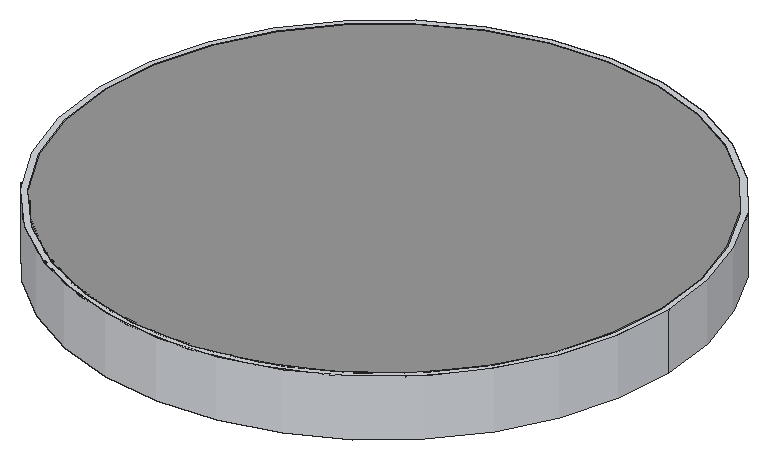
Revit family "2071167", category Lighting Fixtures, host Face, Revit 2018
Family settings
  Host = Face
  Round Connector Dimension = Use Diameter
  Part Type = Normal
  OmniClass Number = 23.80.70.00
  OmniClass Title = Lighting
  Cut with Voids When Loaded = No
  Light Source = Yes
  Shared = No
  Room Calculation Point = No
Parameters (values of type "2071167 COLOSSAL 600 830 PR DIR WHT")
  iner diameter = 588 mm
  Weight = "n/a"
  Wattage Comments = ""
  Wattage = 30 W
  WarrantyStartDate [instance] = "n/a"
  WarrantyGuarantorParts = "n/a"
  WarrantyDurationUnit = "n/a"
  WarrantyDurationParts = ""
  WarrantyDescription = "http://www.sylvania-lighting.com"
  built-in parameter 1150110 = 1 (stored number, unit not read)
  Voltage = 230 V
  URL = "0.95"
  TypeName = "COLOSSAL 600mm 830 PRISM DIR WHITE"
  Type Image = <None>
  Type Comments = "n/a"
  built-in parameter 1114217 = 1 (stored number, unit not read)
  Tilt Angle = -90.00°
  built-in parameter 1150109 = 1 (stored number, unit not read)
  built-in parameter 1150134 = (empty or 0)
  built-in parameter 1150113 = 1 (stored number, unit not read)
  SerialNumber [instance] = "n/a"
  Photometric Web File = "2071167.ies"
  Material_3_SYL = LED-Sylvania
  PowerFactor = 0
  PowerConsumption = "Lighting"
  NominalLength = 600 mm
  NominalHeight = 93 mm
  NominalDepth = 600 mm
  Name = "COLOSSAL 600mm 830 PRISM DIR WHITE"
  ModelReference = Name  # "COLOSSAL 600mm 830 PRISM DIR WHITE"
  ModelNumber = "2071167"
  Model = Name  # "COLOSSAL 600mm 830 PRISM DIR WHITE"
  Material = "Feilo Sylvania"
  ManufacturerName = "122 lm/W"
  Manufacturer = ""
  LuminousEfficacy = ""
  built-in parameter 1150105 = 270.44 (stored number, unit not read)
  Lumens = 3398.4 lm
  LuminaireType = "0"
  built-in parameter 1150115 = 1 (stored number, unit not read)
  LightOutputRatio = "LED"
  built-in parameter 1150137 = (empty or 0)
  built-in parameter 1150139 = (empty or 0)
  LampsType = Lamp  # "n/a"
  LampNominalLuminous = "3000 K"
  LampMacAdamStep = "80"
  LampColourTemperature = "LED"
  LampColourRenderingIndex = "16500"
  built-in parameter 1150112 = 1 (stored number, unit not read)
  built-in parameter 1150114 = 1 (stored number, unit not read)
  Lamp = "n/a"
  Keynote = "n/a"
  InstallationDate [instance] = "n/a"
  InputVoltage = "0"
  InputNominalFrequency = "3000"
  built-in parameter 1150132 = (empty or 0)
  built-in parameter 1150102 = (empty or 0)
  built-in parameter 1150107 = 3000 (stored number, unit not read)
  built-in parameter 1150138 = (empty or 0)
  IngressProtection = "IfcLightFixtureType"
  ImpactProtectionIndex = "IfcLightFixtureType"
  built-in parameter 1150106 = 2.7044 (stored number, unit not read)
  IfcExportType = "IfcLightFixtureType"
  IfcExportAs = "Class I"
  Emit from Circle Diameter = 385 mm
  Emit Shape Visible in Rendering = no
  ElectricShockClassification = "122"
  built-in parameter 1150104 = 10.524 (stored number, unit not read)
  DocumentationLiterature = "http://www.sylvania-lighting.com/product/en-int/products/2071167"
  DimmingControlOptions = "n/a"
  Material_2_SYL = Polycarbonate_Sylvania_White
  Dimming Lamp Color Temperature Shift = <None>
  Description = "600mm diameter circular architectural luminaire, can be surface mounted or suspended. Powder coated aluminium housing (RAL9016) with PMMA prismatic diffuser. Direct light distribution, 3805lm luminuous flux, 31.3W system power, 122lm/W luminiaire efficacy. Constant current driver. Colour rendering index Ra >80, 3000K Warm White LED, chromaticity tolerance of 3-step MacAdam ellipse. IP40, IK03. 350mA drive current. UGR≤19. Electrical protection Class1, 220-240V. Reported lifetime 66k hours L90B10."
  Default Elevation = 1219.2 mm
  CreatedOn = "23/03/2022"
  CreatedBy = "@sylvania-lighting.com"
  Cost = 0
  Color Filter = 16777215
  built-in parameter 1114216 [instance] = (empty or 0)
  ClassificationValue = "EF_70_80"
  ClassificationName = "Uniclass2015"
  Material_1_SYL = Polycarbonate_Sylvania_Opal
  BarCode [instance] = "n/a"
  built-in parameter 1114218 = 1 (stored number, unit not read)
  built-in parameter 1150133 = 10 (stored number, unit not read)
  AssetType = "Fixed"
  AssetIdentifier [instance] = "n/a"
  Assembly Code = "D5020200"
  Apparent Load = 31.3 VA
  Material_4_SYL = none
Reference planes
  plane 1 "Center (Front/Back)": y = 0
  plane 2: z = 0
  plane 3 "Center (Left/Right)": x = 0
  plane 4: x = -300
  plane 5: x = 300
  plane 6: y = 300
  plane 7: y = -300
  plane 8: y = 212
  plane 9: y = -212
  plane 10: z = 93
  plane 11: y = 294
  plane 12: y = -294
  plane 13: through (0, 0, 1219.2) normal (0.5, -0.866, 0)
  plane 14: through (-134.29, 20.617, 1219.2) normal (0.5, -0.866, 0)
  plane 15: through (-144.685, -181.683, 1219.2) normal (-0.5, 0.866, 0)
  plane 16: through (0, 0, 1219.2) normal (0.5, 0.866, 0)
  plane 17: through (178.555, -4.939, 1219.2) normal (0.5, 0.866, 0)
  plane 18: through (87.581, -148.715, 1219.2) normal (0.5, 0.866, 0)
  plane 19: y = 272
  plane 20: through (105.168, 227.067, 1219.2) normal (0.866, 0.5, 0)
  plane 21: through (-104.171, 225.672, 1219.2) normal (0.8572, -0.515, 0)
  plane 22: y = -204.612
  plane 23: through (-296.643, -30.2, 1219.2) normal (0.866, 0.5, 0)
  plane 24: through (153.092, -278.837, 1219.2) normal (-0.866, 0.5, 0)
Forms (mm)
  Extrusion 1, solid, detail levels medium+fine
    sketch origin (0, 0, 0) x (1, 0, 0) y (0, 1, 0)
      loop
        circle (0, 0) r 300
    from 33.023 to 93
  Extrusion 2, void
    sketch origin (0, 0, 0) x (1, 0, 0) y (0, 1, 0)
      loop
        circle (0, 0) r 294
    from 93 to 37.292
  Extrusion 3, solid, material "Glass, White, High Luminance", detail levels fine
    sketch origin (0, 0, 0) x (1, 0, 0) y (0, 1, 0)
      loop
        circle (0, 0) r 294
    from 88.026 to 93
  Extrusion 4, solid, detail levels coarse
    sketch origin (0, 0, 0) x (1, 0, 0) y (0, 1, 0)
      loop
        line (-300, 300) -> (-300, -300) -> (300, -300) -> (300, 300) -> (-300, 300)
    from 0 to 93
  Blend 5, solid, detail levels medium+fine
    base sketch origin (0, 0, 0) x (1, 0, 0) y (0, 1, 0)
      loop
        line (-76.334, 272) -> (-277.665, -63.07) -> (-195.946, -204.612) -> (195.946, -204.612) -> (275.172, -67.388) -> (79.226, 272) -> (-76.334, 272)
    top sketch origin (0, 0, 0) x (1, 0, 0) y (0, 1, 0)
      loop
        line (-226.097, -32.388) -> (-141.097, -179.612) -> (141.097, -179.612) -> (226.097, -32.388) -> (85, 212) -> (-85, 212) -> (-226.097, -32.388)
    from 33.023 to 0
Cuts and joins
  Extrusion 2 cuts Extrusion 1
Lines and regions (mm)
  model lines
    curve 1: line (-85, 212, 0) -> (0, 212, 0)
    curve 2: line (0, 212, 0) -> (85, 212, 0)
Dimensions and locks
  "NominalDepth": plane 6 to plane 7
  "NominalLength": plane 4 to plane 5
  equal spacing: plane 4, plane 3 "Center (Left/Right)", plane 5
  "iner diameter": plane 11 to plane 12
  equal spacing: plane 11, plane 1 "Center (Front/Back)", plane 12
  equal spacing: plane 6, plane 1 "Center (Front/Back)", plane 7
  "NominalHeight": plane 10 to level
  radius of Extrusion 2 sketch curve = 294 mm
  aligned and locked: plane 2 to host face
  aligned and locked: level to host face
Automatic sketch dimensions
  host sketch curve to host sketch curve = 2438.4 mm  (x2)
  plane 1 "Center (Front/Back)" to Extrusion 1 sketch curve = 0 mm
  Extrusion 1 sketch curve to plane 3 "Center (Left/Right)" = 0 mm
  plane 1 "Center (Front/Back)" to Extrusion 2 sketch curve = 0 mm
  Extrusion 2 sketch curve to plane 3 "Center (Left/Right)" = 0 mm
  plane 1 "Center (Front/Back)" to Extrusion 3 sketch curve = 0 mm
  Extrusion 3 sketch curve to plane 3 "Center (Left/Right)" = 0 mm
  Extrusion 4 sketch curve to plane 4 = 0 mm
  Extrusion 4 sketch curve to plane 5 = 0 mm
  Extrusion 4 sketch curve to plane 7 = 0 mm
  Extrusion 4 sketch curve to plane 6 = 0 mm
  Blend 5 sketch curve to plane 8 = 0 mm
  Blend 5 sketch curve to plane 3 "Center (Left/Right)" = 85 mm
  plane 3 "Center (Left/Right)" to Blend 5 sketch curve = 85 mm
  plane 9 to Blend 5 sketch curve = 32.388 mm
  plane 3 "Center (Left/Right)" to Blend 5 sketch curve = 141.097 mm
  plane 1 "Center (Front/Back)" to Blend 5 sketch curve = 32.388 mm  (x2)
  Blend 5 sketch curve to plane 5 = 73.903 mm
  Blend 5 sketch curve to plane 3 "Center (Left/Right)" = 141.097 mm
  plane 4 to Blend 5 sketch curve = 73.903 mm
  curve 1 to plane 8 = 0 mm
  curve 2 to plane 3 "Center (Left/Right)" = 0 mm
  curve 1 to plane 3 "Center (Left/Right)" = 85 mm
  curve 1 to curve 2 = 85 mm
  Blend 5 sketch curve to plane 21 = 0 mm
  Blend 5 sketch curve to plane 23 = 0 mm  (x2)
  Blend 5 sketch curve to plane 22 = 0 mm
  Blend 5 sketch curve to plane 19 = 0 mm
  plane 21 to Blend 5 sketch curve = 0 mm
  Blend 5 sketch curve to plane 20 = 0 mm  (x2)
  Blend 5 sketch curve to plane 24 = 0 mm  (x2)
  radius of Extrusion 1 sketch curve = 300 mm
  radius of Extrusion 3 sketch curve = 294 mm
Connectors
  electrical at (0, 0, 0), driven by "Apparent Load", driven by "PowerFactor", driven by "Voltage"
    settings: index 1, voltage 230 V, apparent load 31.3 VA, apparent load phase1 0 VA, apparent load phase2 0 VA, apparent load phase3 0 VA, power factor 0, load classification "Lighting", number of poles 1, system type 30, power factor state 1, is connector primary yes, connector utility no, sub classification motor no, connector description ""
